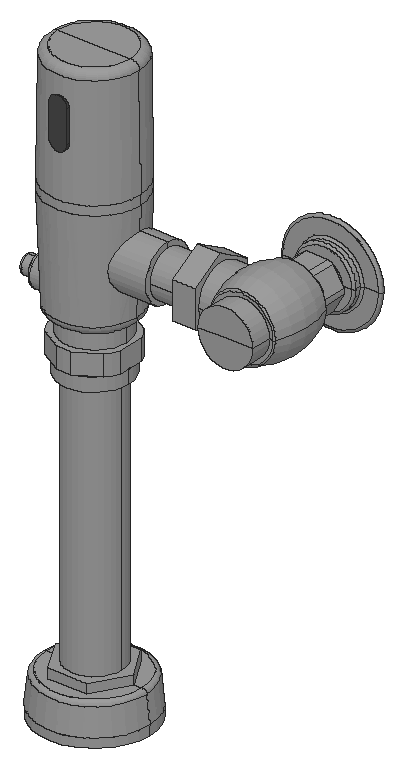
Revit family "Flush_Valve-Sensor-Zurn-Exposed-Water_Closet-ZTR6200", category Plumbing Fixtures, Revit 2015
Parameters (values of type "ZTR6200")
  Width-Stop_CL-COV = 0' - 4 3/4"
  Water Inlet Radius = 0' - 0 1/2"
  URL = "http://www.zurn.com/"
  Product data url = "https://bimobject.com/zurnindustries/product/zurn-ztr6200ev"
  Product Documentation Link = "http://www.zurn.com/Pages/ProductDetails.aspx?NodeKey=416205"
  Model = "ZTR6200"
  Manufacturer = "Zurn Industries, LLC."
  Height-Stop_CL-TOF = 0' - 11 1/2"
  Flush_Valve-Body_Material = Brass - Zurn - Polished Chrome
  Flush Rate = "1.28 gallons per flush-EV"
  Description = "Sensor Operated Flush Valve for Water Closets"
  Depth-Stop_CL-Wall = 0' - 2 1/4"
  Copyright © = "Copyright © Zurn Industries, LLC."
  Assembly Code = "C1030210"
  -HW Escutcheon & Stem = no
Reference planes (in)
  plane 1 "Center (Front/Back)": y = 0
  plane 2: z = 0
  plane 3 "Center (Left/Right)": x = 0
  plane 4: z = 11.5
  plane 5: x = 4.75
  plane 6: z = 8.39522
  plane 7: z = 1.34
  plane 8: x = 2
  plane 9: x = 2.82524
  plane 10: y = 2.25
  plane 11: y = 1.6715
  plane 12: z = 13.875
  plane 13: y = 1.125
Forms (in)
  Extrusion 1, solid, material "Brass - Zurn - Polished Chrome" <- "Flush_Valve-Body_Material", detail levels fine
    sketch origin (0, 0, 0) x (1, 0, 0) y (0, 1, 0)
      loop
        circle (0, 0) r 0.75
    from 1.34 to 8.39522
  Extrusion 2, solid, material "Brass - Zurn - Polished Chrome" <- "Flush_Valve-Body_Material", detail levels fine
    sketch origin (0, 0, 0) x (0, 1, 0) y (0, 0, 1)
      loop
        circle (0, 11.5) r 0.625
    from 2 to 2.82524
  Revolve 3, solid, material "Brass - Zurn - Polished Chrome" <- "Flush_Valve-Body_Material", detail levels fine
    sketch origin (4.75, 7.83304, 48) x (0, 1, 0) y (0, 0, 1)
      loop
        line (-6.16154, -36.5) -> (-5.58304, -36.5) -> (-5.58304, -36) -> (-6.16154, -36) -> (-6.16154, -36.5)
      axis (-6.16154, -36.5) -> (-5.58304, -36.5)
    angle from 0 to 360
  Extrusion 4, solid, material "Brass - Zurn - Polished Chrome" <- "Flush_Valve-Body_Material", visible <- "-HW Escutcheon & Stem", detail levels fine
    sketch origin (0, 0, 0) x (1, 0, 0) y (0, 0, 1)
      loop
        circle (0, 13.875) r 0.25
    from -1.125 to -2.25
Lines and regions (in)
  Masking region 1
    outline origin (0, 0, 0) x (1, 0, 0) y (0, 0, 1)
      loop
        line (-0.75, 8.39522) -> (-0.75, 1.34) -> (0.75, 1.34) -> (0.75, 8.39522) -> (-0.75, 8.39522)
  Masking region 2
    outline origin (0, 0, 0) x (1, 0, 0) y (0, 0, 1)
      loop
        line (2, 12.125) -> (2, 10.875) -> (2.82524, 10.875) -> (2.82524, 12.125) -> (2, 12.125)
  Masking region 3
    outline origin (0, 0, 0) x (0, 1, 0) y (0, 0, 1)
      loop
        line (-0.75, 8.39522) -> (-0.75, 1.34) -> (0.75, 1.34) -> (0.75, 8.39522) -> (-0.75, 8.39522)
  Masking region 4
    outline origin (0, 0, 0) x (1, 0, 0) y (0, 1, 0)
      loop
        line (2, 0.625) -> (2, -0.625) -> (2.82524, -0.625) -> (2.82524, 0.625) -> (2, 0.625)
  Masking region 5
    outline origin (0, 0, 0) x (1, 0, 0) y (0, 1, 0)
      loop
        line (4.25, 2.25) -> (4.25, 1.6715) -> (5.25, 1.6715) -> (5.25, 2.25) -> (4.25, 2.25)
  Masking region 6
    outline origin (0, 0, 0) x (0, 1, 0) y (0, 0, 1)
      loop
        line (1.6715, 12) -> (1.6715, 11) -> (2.25, 11) -> (2.25, 12) -> (1.6715, 12)
  Masking region 7, visible <- "-HW Escutcheon & Stem"
    outline origin (11.94871, -180, 13.875) x (0, -1, 0) y (1, 0, 0)
      loop
        line (-182.25, -12.19871) -> (-181.125, -12.19871) -> (-181.125, -11.69871) -> (-182.25, -11.69871) -> (-182.25, -12.19871)
  Masking region 8, visible <- "-HW Escutcheon & Stem"
    outline origin (0, 0, 0) x (0, 1, 0) y (0, 0, 1)
      loop
        line (1.125, 14.125) -> (1.125, 13.625) -> (2.25, 13.625) -> (2.25, 14.125) -> (1.125, 14.125)
  model lines, detail levels coarse+medium
    curve 1: line (2, 0, 12.125) -> (2.82524, 0, 12.125)
    curve 2: line (2, 0, 10.875) -> (2.82524, 0, 10.875)
    curve 3: line (-0.75, 0, 8.39522) -> (-0.75, 0, 1.34)
    curve 4: line (0.75, 0, 1.34) -> (0.75, 0, 8.39522)
    curve 5: line (0, -0.75, 8.39522) -> (0, -0.75, 1.34)
    curve 6: line (0, 0.75, 1.34) -> (0, 0.75, 8.39522)
    curve 7: line (2.82524, 0.625, 11.5) -> (2, 0.625, 11.5)
    curve 8: line (2, -0.625, 11.5) -> (2.82524, -0.625, 11.5)
    curve 9: line (4.25, 1.6715, 11.5) -> (4.25, 2.25, 11.5)
    curve 10: line (5.25, 2.25, 11.5) -> (5.25, 1.6715, 11.5)
    curve 11: line (4.75, 1.6715, 12) -> (4.75, 2.25, 12)
    curve 12: line (4.75, 1.6715, 11) -> (4.75, 2.25, 11)
  model lines, visible <- "-HW Escutcheon & Stem", detail levels coarse+medium
    curve 13: line (0, 2.25, 13.875) -> (0, 1.125, 13.875)
Dimensions and locks (in)
  "Width-Stop_CL-COV": plane 5 to plane 3 "Center (Left/Right)"  (x2)
  "Height-Stop_CL-TOF": plane 4 to plane 2
  Masking region 1 sketch curve to Masking region 1 sketch curve = 0' - 1 1/2"
  locked: plane 4 to plane 6 at 3.10478
  locked: plane 7 to level at 1.34
  locked: plane 9 to plane 5 at 1.92476
  locked: plane 8 to plane 3 "Center (Left/Right)" at 2
  equal spacing: curve 1, plane 4, curve 2, locked at 0.625 each
  equal spacing: Masking region 3 sketch curve, curve 4, Masking region 3 sketch curve, locked at 0.75 each
  equal spacing: Masking region 4 sketch curve, curve 1, Masking region 4 sketch curve, locked at 0.625 each
  locked: plane 1 "Center (Front/Back)" to plane 11 at 1.6715
  "Depth-Stop_CL-Wall": plane 10 to plane 1 "Center (Front/Back)"
  equal spacing: Masking region 5 sketch curve, plane 5, Masking region 5 sketch curve, locked at 0.5 each
  locked: Revolve 3 sketch curve to Revolve 3 sketch curve at 0.5
  equal spacing: Masking region 6 sketch curve, plane 4, Masking region 6 sketch curve, locked at 0.5 each
  locked: plane 12 to plane 4 at 2.375
  locked: plane 1 "Center (Front/Back)" to plane 13 at 1.125
  equal spacing: Masking region 7 sketch curve, plane 3 "Center (Left/Right)", Masking region 7 sketch curve, locked at 0.25 each
  equal spacing: Masking region 8 sketch curve, plane 12, Masking region 8 sketch curve, locked at 0.25 each
  radius of Extrusion 1 sketch curve = 0' - 0 3/4"
  radius of Extrusion 2 sketch curve = 0' - 0 5/8"
  radius of Extrusion 4 sketch curve = 0' - 0 1/4"
  aligned and locked: level to plane 2
  aligned and locked: plane 4 to nested 1
  aligned and locked: nested 1 to plane 1 "Center (Front/Back)"
  aligned and locked: plane 1 "Center (Front/Back)" to nested 2
  aligned and locked: plane 1 "Center (Front/Back)" to nested 3
  aligned and locked: plane 3 "Center (Left/Right)" to nested 3
  aligned and locked: nested 3 to level
  aligned and locked: nested 2 to plane 4
  aligned and locked: plane 5 to nested 2
  aligned and locked: plane 3 "Center (Left/Right)" to nested 1
  aligned and locked: plane 6 to Masking region 1
  aligned and locked: plane 7 to Masking region 1
  aligned and locked: curve 2 to plane 8
  aligned and locked: curve 1 to plane 8
  aligned and locked: curve 1 to plane 9
  aligned and locked: curve 2 to plane 9
  aligned and locked: Masking region 2 sketch curve to curve 1
  aligned and locked: Masking region 2 sketch curve to curve 2
  aligned and locked: plane 8 to Masking region 2 sketch curve
  aligned and locked: plane 9 to Masking region 2 sketch curve
  aligned and locked: curve 3 to Masking region 1
  aligned and locked: curve 4 to Masking region 1
  aligned and locked: plane 6 to curve 4
  aligned and locked: plane 6 to curve 3
  aligned and locked: plane 7 to curve 3
  aligned and locked: plane 7 to curve 4
  aligned and locked: Masking region 3 sketch curve to plane 6
  aligned and locked: Masking region 3 sketch curve to plane 7
  aligned and locked: curve 5 to Masking region 3
  aligned and locked: curve 6 to Masking region 3
  aligned and locked: plane 6 to curve 6
  aligned and locked: plane 6 to curve 5
  aligned and locked: plane 7 to curve 6
  aligned and locked: plane 7 to curve 5
  aligned and locked: plane 9 to Masking region 4 sketch curve
  aligned and locked: Masking region 4 sketch curve to plane 8
  aligned and locked: Masking region 4 to curve 7
  aligned and locked: Masking region 4 to curve 8
  aligned and locked: plane 9 to curve 8
  aligned and locked: plane 9 to curve 7
  aligned and locked: plane 8 to curve 7
  aligned and locked: plane 8 to curve 8
  aligned and locked: plane 1 "Center (Front/Back)" to Extrusion 1 sketch curve
  aligned and locked: plane 3 "Center (Left/Right)" to Extrusion 1 sketch curve
  aligned and locked: plane 6 to Extrusion 1
  aligned and locked: plane 7 to Extrusion 1
  aligned and locked: nested 1 to Extrusion 2 sketch curve
  aligned and locked: plane 4 to Extrusion 2 sketch curve
  aligned and locked: plane 9 to Extrusion 2
  aligned and locked: Extrusion 2 to plane 8
  aligned and locked: plane 11 to Masking region 5 sketch curve
  aligned and locked: Masking region 5 sketch curve to plane 10
  aligned and locked: Revolve 3 sketch curve to plane 4  (x2)
  aligned and locked: Revolve 3 sketch curve to plane 11
  aligned and locked: plane 10 to Revolve 3 sketch curve
  aligned and locked: plane 10 to curve 9
  aligned and locked: plane 10 to curve 10
  aligned and locked: plane 11 to curve 9
  aligned and locked: plane 11 to curve 10
  aligned and locked: curve 10 to Masking region 5
  aligned and locked: curve 9 to Masking region 5
  aligned and locked: plane 10 to curve 11
  aligned and locked: plane 11 to curve 11
  aligned and locked: plane 11 to curve 12
  aligned and locked: plane 10 to curve 12
  aligned and locked: Masking region 6 sketch curve to plane 10
  aligned and locked: plane 11 to Masking region 6 sketch curve
  aligned and locked: curve 11 to Masking region 6
  aligned and locked: curve 12 to Masking region 6
  aligned and locked: plane 4 to nested 4
  aligned and locked: nested 4 to plane 10
  aligned and locked: plane 5 to nested 4
  aligned and locked: plane 12 to nested 5
  aligned and locked: plane 3 "Center (Left/Right)" to nested 5
  aligned and locked: Extrusion 4 to plane 13
  aligned and locked: plane 10 to Extrusion 4
  aligned and locked: nested 5 to Extrusion 4 sketch curve  (x2)
  aligned and locked: nested 5 to plane 10
  aligned and locked: plane 10 to Masking region 7
  aligned and locked: Masking region 7 to plane 13
  aligned and locked: plane 13 to curve 13
  aligned and locked: plane 10 to curve 13
  aligned and locked: curve 13 to plane 12
  aligned and locked: Masking region 8 sketch curve to plane 10
  aligned and locked: Masking region 8 sketch curve to plane 13
Nested families (in)
  nested 1: "BODY-ZTR-ZURN-EXPOSED" at (0, 0, 8.87522), type "BODY-ZTR-ZURN-EXPOSED"
  nested 2: "Stop-1in-Zurn-VC" at (4.75, 0, 11.5), type "Stop-1in-Zurn-VC"
  nested 3: "Escutcheon-Closet-Zurn" at (0, 0, 0), type "Valve-Closet-Zurn-Standard-6200_Metro"
  nested 4: "Escutchen-Zurn-Stop" at (4.75, 2.25, 11.5), type "Escutchen-Zurn-Stop"
  nested 5: "Escutchen-Zurn-Stop" at (0, 2.25, 13.875), visible <- "-HW Escutcheon & Stem", type "Escutchen-Zurn-Stop"
Connectors (in)
  piping at (4.75, 2.25, 11.5), diameter 1, driven by "Water Inlet Radius"
    settings: on Revolve 3, index 1, connector inside diameter 1", connector length 0' - 0", flow factor 0, pipe flow 0 GPM, pressure drop 0.00 psi, fitting loss kfactor 0, connector angle 0.00°, fixture units 0, engagement length 0' - 0", angle of deflection 0.00°, flow configuration 0, flow direction 1, fitting loss method 0, system type 20, joint type 0, gender type 0, connector reference index -1, connector utility 0, adjustable connector no, is connector primary yes, connector description "SUPPLY TO VALVE"
Definition of nested family "BODY-ZTR-ZURN-EXPOSED"
  Parameters
    ZTR BODY = none
    CAP LENS MATERIAL = none
  Reference planes (in)
    plane 1 "Center (Front/Back)": y = 0
    plane 2: z = 0
    plane 3 "Center (Left/Right)": x = 0
  Forms (in)
    Revolve 1, solid, material <- "ZTR BODY", detail levels fine
      sketch origin (0, 0, 0) x (1, 0, 0) y (0, 0, 1)
        loop
          line (0, 7.5) -> (-0.99397, 7.5)
          arc (-0.99397, 7.5) -> (-1.14861, 7.43649) -> (-1.21396, 7.28261) r 0.22
          line (-1.21396, 7.28261) -> (-1.25, 4.25) -> (-1.25, 4) -> (-1.16188, 1.22848)
          arc (-1.16188, 1.22848) -> (-1.09104, 1.06721) -> (-0.92832, 0.99978) r 0.23622
          arc (-0.92832, 0.99978) -> (-0.89032, 0.98068) -> (-0.875, 0.941) r 0.05906
          line (-0.875, 0.941) -> (-0.875, 0.52) -> (-0.99, 0.52) -> (-0.99, -0.05) -> (-0.94, -0.1) -> (-0.94, -0.48) -> (0, -0.48) -> (0, 7.5)
        axis (0, 7.5) -> (0, -0.48)
      angle from 0 to 360
    Extrusion 2, solid, material <- "CAP LENS MATERIAL", detail levels fine
      sketch origin (0, 0, 0) x (1, 0, 0) y (0, 0, 1)
        loop
          arc (0.25, 6.5625) -> (0, 6.8125) -> (-0.25, 6.5625) r 0.25
          line (-0.25, 6.5625) -> (-0.25, 5.6875)
          arc (-0.25, 5.6875) -> (0, 5.4375) -> (0.25, 5.6875) r 0.25
          line (0.25, 5.6875) -> (0.25, 6.5625)
      from 0 to 1.25
    Revolve 3, solid, material <- "ZTR BODY", detail levels fine
      sketch origin (0, 0, 0) x (1, 0, 0) y (0, 0, 1)
        loop
          line (0, 1.5) -> (0, 1.9375) -> (-1.42124, 1.9375)
          arc (-1.42124, 1.9375) -> (-1.47789, 1.9135) -> (-1.50005, 1.8561) r 0.07886
          arc (-1.50005, 1.8561) -> (-1.52894, 1.78129) -> (-1.60277, 1.75) r 0.10277
          line (-1.60277, 1.75) -> (-1.79024, 1.75)
          arc (-1.79024, 1.75) -> (-1.85018, 1.72518) -> (-1.875, 1.66524) r 0.08476
          line (-1.875, 1.66524) -> (-1.875, 1.5) -> (0, 1.5)
        axis (-1.875, 1.5) -> (0, 1.5)
      angle from 0 to 360
    Extrusion 4, solid, material <- "ZTR BODY", detail levels fine
      sketch origin (0, 0, 0.52) x (0, 1, 0) y (-1, 0, 0)
        loop
          line (0.69024, -0.80447) -> (1.04181, -0.19553)
          arc (1.04181, -0.19553) -> (1.06, 0) -> (1.04181, 0.19553) r 1.06
          line (1.04181, 0.19553) -> (0.69024, 0.80447)
          arc (0.69024, 0.80447) -> (0.53, 0.91799) -> (0.35157, 1) r 1.06
          line (0.35157, 1) -> (-0.35157, 1)
          arc (-0.35157, 1) -> (-0.53, 0.91799) -> (-0.69024, 0.80447) r 1.06
          line (-0.69024, 0.80447) -> (-1.04181, 0.19553)
          arc (-1.04181, 0.19553) -> (-1.06, 0) -> (-1.04181, -0.19553) r 1.06
          line (-1.04181, -0.19553) -> (-0.69024, -0.80447)
          arc (-0.69024, -0.80447) -> (-0.53, -0.91799) -> (-0.35157, -1) r 1.06
          line (-0.35157, -1) -> (0.35157, -1)
          arc (0.35157, -1) -> (0.53, -0.91799) -> (0.69024, -0.80447) r 1.06
      from 0 to -0.57
    Revolve 5, solid, material <- "ZTR BODY", detail levels fine
      sketch origin (0, 0, 0) x (1, 0, 0) y (0, 0, 1)
        loop
          line (0, 2.62478) -> (2, 2.62478) -> (2, 3.37478) -> (0, 3.37478) -> (0, 2.62478)
        axis (0, 2.62478) -> (2, 2.62478)
      angle from 0 to 360
  Cuts and joins
    joined: Revolve 1, Revolve 3, Extrusion 4, Revolve 5
  Lines and regions (in)
    Masking region 1
      outline origin (0, 0, 0) x (1, 0, 0) y (0, 1, 0)
        loop
          line (1, -0.75) -> (2, -0.75) -> (2, 0.75) -> (1, 0.75)
          arc (1, 0.75) -> (-0.1782, 1.23723) -> (-1.17101, 0.4373) r 1.25
          line (-1.17101, 0.4373) -> (-1.4235, 0.4373)
          arc (-1.4235, 0.4373) -> (-1.47868, 0.41384) -> (-1.50007, 0.35783) r 0.07663
          arc (-1.50007, 0.35783) -> (-1.52903, 0.28201) -> (-1.60373, 0.25025) r 0.10373
          line (-1.60373, 0.25025) -> (-1.79229, 0.25025)
          arc (-1.79229, 0.25025) -> (-1.85078, 0.22603) -> (-1.875, 0.16755) r 0.08271
          line (-1.875, 0.16755) -> (-1.875, -0.16755)
          arc (-1.875, -0.16755) -> (-1.85078, -0.22603) -> (-1.79229, -0.25025) r 0.08271
          line (-1.79229, -0.25025) -> (-1.60373, -0.25025)
          arc (-1.60373, -0.25025) -> (-1.52903, -0.28201) -> (-1.50007, -0.35783) r 0.10373
          arc (-1.50007, -0.35783) -> (-1.47868, -0.41384) -> (-1.4235, -0.4373) r 0.07663
          line (-1.4235, -0.4373) -> (-1.17101, -0.4373)
          arc (-1.17101, -0.4373) -> (-0.1782, -1.23723) -> (1, -0.75) r 1.25
    Masking region 2
      outline origin (0, 0, 0) x (1, 0, 0) y (0, 0, 1)
        loop
          line (-1, 0.52) -> (-1, -0.05) -> (-0.94, -0.1) -> (-0.94, -0.48) -> (0.94, -0.48) -> (0.94, -0.1) -> (1, -0.05) -> (1, 0.52) -> (0.875, 0.52) -> (0.875, 0.99978) -> (0.92832, 0.99978)
          arc (0.92832, 0.99978) -> (1.09, 1.06523) -> (1.16062, 1.22472) r 0.23242
          line (1.16062, 1.22472) -> (1.18155, 1.87478) -> (2, 1.87478) -> (2, 3.37478) -> (1.22986, 3.37478) -> (1.25, 4) -> (1.25, 4.25) -> (1.21313, 7.28091)
          arc (1.21313, 7.28091) -> (1.1488, 7.43623) -> (0.99347, 7.50057) r 0.21966
          line (0.99347, 7.50057) -> (-0.99347, 7.50057)
          arc (-0.99347, 7.50057) -> (-1.1488, 7.43623) -> (-1.21313, 7.28091) r 0.21966
          line (-1.21313, 7.28091) -> (-1.25, 4.25) -> (-1.25, 4) -> (-1.18361, 1.9386) -> (-1.41632, 1.9386)
          arc (-1.41632, 1.9386) -> (-1.47627, 1.91333) -> (-1.50003, 1.85277) r 0.08374
          arc (-1.50003, 1.85277) -> (-1.52787, 1.78183) -> (-1.59809, 1.75223) r 0.09809
          line (-1.59809, 1.75223) -> (-1.78977, 1.75223)
          arc (-1.78977, 1.75223) -> (-1.85004, 1.72727) -> (-1.875, 1.667) r 0.08523
          line (-1.875, 1.667) -> (-1.875, 1.33657)
          arc (-1.875, 1.33657) -> (-1.85004, 1.2763) -> (-1.78977, 1.25134) r 0.08523
          line (-1.78977, 1.25134) -> (-1.59809, 1.25134)
          arc (-1.59809, 1.25134) -> (-1.52787, 1.22174) -> (-1.50003, 1.1508) r 0.09809
          arc (-1.50003, 1.1508) -> (-1.47627, 1.09024) -> (-1.41632, 1.06497) r 0.08374
          line (-1.41632, 1.06497) -> (-1.08972, 1.06497)
          arc (-1.08972, 1.06497) -> (-1.01535, 1.01669) -> (-0.92832, 0.99978) r 0.23242
          line (-0.92832, 0.99978) -> (-0.875, 0.99978) -> (-0.875, 0.52) -> (-1, 0.52)
    Masking region 3
      outline origin (0, 0, 0) x (0, 1, 0) y (0, 0, 1)
        loop
          line (-1.06, 0.52) -> (-1.06, -0.05) -> (-0.94, -0.05) -> (-0.94, -0.48) -> (0.94, -0.48) -> (0.94, -0.05) -> (1.06, -0.05) -> (1.06, 0.52) -> (0.87438, 0.52) -> (0.87438, 0.99978) -> (0.91913, 0.99978)
          arc (0.91913, 0.99978) -> (1.08962, 1.06884) -> (1.16398, 1.23709) r 0.24496
          line (1.16398, 1.23709) -> (1.25032, 3.99974) -> (1.25032, 4.24974) -> (1.21467, 7.25525)
          arc (1.21467, 7.25525) -> (1.14041, 7.43011) -> (0.96468, 7.50229) r 0.25
          line (0.96468, 7.50229) -> (-0.96468, 7.50229)
          arc (-0.96468, 7.50229) -> (-1.14041, 7.43011) -> (-1.21467, 7.25525) r 0.25
          line (-1.21467, 7.25525) -> (-1.25032, 4.24974) -> (-1.25032, 3.99974) -> (-1.16398, 1.23709)
          arc (-1.16398, 1.23709) -> (-1.08962, 1.06884) -> (-0.91913, 0.99978) r 0.24496
          line (-0.91913, 0.99978) -> (-0.87438, 0.99978) -> (-0.87438, 0.52) -> (-1.06, 0.52)
    symbolic lines, detail levels medium+fine
      curve 1: arc (-1.17101, -0.4373, 0) -> (-1.25, 0, 0) -> (-1.17101, 0.4373, 0) r 1.25
      curve 14: line (1.25, 0, 4.25) -> (-1.25, 0, 4.25)
      curve 15: line (-1.59809, 0, 1.75382) -> (-1.59809, 0, 1.2473)
      curve 17: line (0.94, 0, -0.1) -> (-0.94, 0, -0.1)
      curve 18: arc (1, 0.75, 0) -> (1.25, 0, 0) -> (1, -0.75, 0) r 1.25
      curve 19: line (2, 0.75, 0) -> (2, -0.62776, 0)
      curve 22: line (0, -1.06, 0.52) -> (0, 1.06, 0.52)
      curve 23: line (0, -0.94, -0.05) -> (0, 0.94, -0.05)
    symbolic lines, detail levels fine
      curve 2: line (-1.60373, 0.25025, 0) -> (-1.60373, -0.25025, 0)
      curve 3: line (-1.50007, 0.35783, 0) -> (-1.50007, -0.35783, 0)
      curve 12: line (-1, 0, -0.05) -> (1, 0, -0.05)
      curve 13: line (1.25, 0, 4) -> (-1.25, 0, 4)
      curve 16: line (-1.50003, 0, 1.85277) -> (-1.50003, 0, 1.1508)
      curve 20: line (1.18243, 0, 1.87478) -> (1.23012, 0, 3.37478)
      curve 21: line (2, 0, 3.37478) -> (2, 0, 1.87478)
      curve 24: line (0, -1.25, 4.25) -> (0, 1.25, 4.25)
      curve 25: line (0, -1.25032, 3.99974) -> (0, 1.25032, 3.99974)
    symbolic lines
      curve 4: arc (0.25, 0, 6.5625) -> (0, 0, 6.8125) -> (-0.25, 0, 6.5625) r 0.25
      curve 5: line (-0.25, 0, 6.5625) -> (-0.25, 0, 5.6875)
      curve 6: arc (-0.25, 0, 5.6875) -> (0, 0, 5.4375) -> (0.25, 0, 5.6875) r 0.25
      curve 7: line (0.25, 0, 5.6875) -> (0.25, 0, 6.5625)
      curve 8: line (0.92991, 0, 0.99978) -> (-0.94489, 0, 0.99978)
      curve 9: line (-1.11008, 0, 1.22848) -> (-1.18442, 0, 1.9375)
      curve 10: line (-1.08439, 0, 1.05072) -> (-1.11008, 0, 1.22848)
      curve 11: line (-1, 0, 0.52) -> (1, 0, 0.52)
    model lines, detail levels coarse+medium
      curve 26: line (-1.25, 0, 4.25) -> (-1.21402, 0, 7.28256)
      curve 27: line (0.99189, 0, 7.50208) -> (-0.99189, 0, 7.50208)
      curve 28: arc (-1.21402, 0, 7.28256) -> (-1.14804, 0, 7.43794) -> (-0.99189, 0, 7.50208) r 0.22215
      curve 29: line (-1.25, 0, 4.25) -> (-1.25, 0, 4)
      curve 30: line (-1.25, 0, 4) -> (-1.18442, 0, 1.9375)
      curve 31: line (-1.18442, 0, 1.9375) -> (-1.5022, 0, 1.9375)
      curve 32: line (-1.5022, 0, 1.9375) -> (-1.5022, 0, 1.75382)
      curve 33: line (-1.5022, 0, 1.75382) -> (-1.87499, 0, 1.75382)
      curve 34: line (-1.87499, 0, 1.75382) -> (-1.87499, 0, 1.2473)
      curve 35: line (-1.87499, 0, 1.2473) -> (-1.5022, 0, 1.2473)
      curve 36: line (-1.5022, 0, 1.2473) -> (-1.5022, 0, 1.06279)
      curve 37: line (-1.5022, 0, 1.06279) -> (-1.09757, 0, 1.06279)
      curve 38: line (-0.875, 0, 0.52) -> (-0.875, 0, 0.99978)
      curve 39: line (-0.875, 0, 0.52) -> (-1, 0, 0.52)
      curve 40: line (-1, 0, 0.52) -> (-1, 0, -0.05)
      curve 41: line (-1, 0, -0.05) -> (-0.94, 0, -0.1)
      curve 42: line (-0.94, 0, -0.1) -> (-0.94, 0, -0.48)
      curve 43: line (-0.94, 0, -0.48) -> (0.94, 0, -0.48)
      curve 44: line (0.875, 0, 0.52) -> (0.875, 0, 0.99978)
      curve 45: line (0.875, 0, 0.52) -> (1, 0, 0.52)
      curve 46: line (1, 0, 0.52) -> (1, 0, -0.05)
      curve 47: line (1, 0, -0.05) -> (0.94, 0, -0.1)
      curve 48: line (0.94, 0, -0.1) -> (0.94, 0, -0.48)
      curve 49: line (1.25, 0, 4) -> (1.23012, 0, 3.37478)
      curve 50: line (0.875, 0, 0.99978) -> (0.92991, 0, 0.99978)
      curve 51: arc (-1.09757, 0, 1.06279) -> (-1.02747, 0, 1.01615) -> (-0.94489, 0, 0.99978) r 0.21649
      curve 52: arc (0.92991, 0, 0.99978) -> (1.0913, 0, 1.06513) -> (1.16174, 0, 1.22436) r 0.23195
      curve 53: line (-0.94489, 0, 0.99978) -> (-0.875, 0, 0.99978)
      curve 54: line (1.18243, 0, 1.87478) -> (2, 0, 1.87478)
      curve 55: line (2, 0, 1.87478) -> (2, 0, 1.99978)
      curve 56: line (2, 0, 3.24978) -> (2, 0, 3.37478)
      curve 57: line (2, 0, 3.37478) -> (1.23012, 0, 3.37478)
      curve 58: line (1.18243, 0, 1.87478) -> (1.16174, 0, 1.22436)
      curve 59: line (1.25, 0, 4.25) -> (1.21402, 0, 7.28256)
      curve 60: arc (1.21402, 0, 7.28256) -> (1.14804, 0, 7.43794) -> (0.99189, 0, 7.50208) r 0.22215
      curve 61: line (1.25, 0, 4.25) -> (1.25, 0, 4)
      curve 62: circle (0, 0, 7.50208) r 1.25 normal (0, 0, 1)
      curve 65: circle (0, 0, -0.48) r 0.94 normal (0, 0, 1)
      curve 103: line (0.25, -1.25, 5.6875) -> (0.25, -1.25, 6.5625)
      curve 104: line (-0.25, -1.25, 6.5625) -> (-0.25, -1.25, 5.6875)
      curve 105: arc (0.25, -1.25, 6.5625) -> (0, -1.25, 6.8125) -> (-0.25, -1.25, 6.5625) r 0.25
      curve 106: arc (-0.25, -1.25, 5.6875) -> (0, -1.25, 5.4375) -> (0.25, -1.25, 5.6875) r 0.25
      curve 138: line (0, 0.99189, 7.50208) -> (0, -0.99189, 7.50208)
      curve 139: line (0, -0.875, 0.52) -> (0, -0.875, 0.99978)
      curve 140: line (0, -0.875, 0.52) -> (0, -1, 0.52)
      curve 141: line (0, -1, 0.52) -> (0, -1, -0.05)
      curve 142: line (0, -1, -0.05) -> (0, -0.94, -0.1)
      curve 143: line (0, -0.94, -0.1) -> (0, -0.94, -0.48)
      curve 144: line (0, -0.94, -0.48) -> (0, 0.94, -0.48)
      curve 145: line (0, 0.875, 0.52) -> (0, 0.875, 0.99978)
      curve 146: line (0, 0.875, 0.52) -> (0, 1, 0.52)
      curve 147: line (0, 1, 0.52) -> (0, 1, -0.05)
      curve 148: line (0, 1, -0.05) -> (0, 0.94, -0.1)
      curve 149: line (0, 0.94, -0.1) -> (0, 0.94, -0.48)
      curve 150: line (0, 1.25, 4) -> (0, 1.20721, 2.6544)
      curve 151: line (0, 0.875, 0.99978) -> (0, 0.92991, 0.99978)
      curve 152: arc (0, 0.92991, 0.99978) -> (0, 1.0913, 1.06513) -> (0, 1.16174, 1.22436) r 0.23195
      curve 153: line (0, 1.20721, 2.6544) -> (0, 1.16174, 1.22436)
      curve 154: line (0, 1.25, 4.25) -> (0, 1.21402, 7.28256)
      curve 155: arc (0, 1.21402, 7.28256) -> (0, 1.14804, 7.43794) -> (0, 0.99189, 7.50208) r 0.22215
      curve 156: line (0, 1.25, 4.25) -> (0, 1.25, 4)
      curve 157: line (0, -1.25, 4) -> (0, -1.20721, 2.6544)
      curve 158: line (0, -0.875, 0.99978) -> (0, -0.92991, 0.99978)
      curve 159: arc (0, -0.92991, 0.99978) -> (0, -1.0913, 1.06513) -> (0, -1.16174, 1.22436) r 0.23195
      curve 160: line (0, -1.20721, 2.6544) -> (0, -1.16174, 1.22436)
      curve 161: line (0, -1.25, 4.25) -> (0, -1.21402, 7.28256)
      curve 162: arc (0, -1.21402, 7.28256) -> (0, -1.14804, 7.43794) -> (0, -0.99189, 7.50208) r 0.22215
      curve 163: line (0, -1.25, 4.25) -> (0, -1.25, 4)
    model lines, detail levels medium
      curve 63: circle (0, 0, 4.25) r 1.25 normal (0, 0, 1)
      curve 64: circle (0, 0, 4) r 1.25 normal (0, 0, 1)
      curve 66: circle (0, 0, 0.52) r 1 normal (0, 0, 1)
      curve 107: circle (-1.87499, 0, 1.50056) r 0.25 normal (1, 0, 0)
      curve 108: circle (-1.5022, 0, 1.50056) r 0.43777 normal (1, 0, 0)
      curve 109: circle (-1.17053, 0, 1.50056) r 0.43777 normal (1, 0, 0)
      curve 110: circle (2, 0, 2.62478) r 0.75 normal (1, 0, 0)
      curve 111: circle (1.20627, 0, 2.62478) r 0.75 normal (1, 0, 0)
    model lines, not visible, detail levels coarse+medium
      curve 67: line (-1.25, 0, 4.25) -> (-1.21402, 0, 7.28256)
      curve 68: line (0.99189, 0, 7.50208) -> (-0.99189, 0, 7.50208)
      curve 69: arc (-1.21402, 0, 7.28256) -> (-1.14804, 0, 7.43794) -> (-0.99189, 0, 7.50208) r 0.22215
      curve 70: line (-1.25, 0, 4.25) -> (-1.25, 0, 4)
      curve 71: line (-1.25, 0, 4) -> (-1.18442, 0, 1.9375)
      curve 72: line (-1.18442, 0, 1.9375) -> (-1.5022, 0, 1.9375)
      curve 73: line (-1.5022, 0, 1.9375) -> (-1.5022, 0, 1.75382)
      curve 74: line (-1.5022, 0, 1.75382) -> (-1.87499, 0, 1.75382)
      curve 75: line (-1.87499, 0, 1.75382) -> (-1.87499, 0, 1.2473)
      curve 76: line (-1.87499, 0, 1.2473) -> (-1.5022, 0, 1.2473)
      curve 77: line (-1.5022, 0, 1.2473) -> (-1.5022, 0, 1.06279)
      curve 78: line (-1.5022, 0, 1.06279) -> (-1.09757, 0, 1.06279)
      curve 79: line (-0.875, 0, 0.52) -> (-0.875, 0, 0.99978)
      curve 80: line (-0.875, 0, 0.52) -> (-1, 0, 0.52)
      curve 81: line (-1, 0, 0.52) -> (-1, 0, -0.05)
      curve 82: line (-1, 0, -0.05) -> (-0.94, 0, -0.1)
      curve 83: line (-0.94, 0, -0.1) -> (-0.94, 0, -0.48)
      curve 84: line (-0.94, 0, -0.48) -> (0.94, 0, -0.48)
      curve 85: line (0.875, 0, 0.52) -> (0.875, 0, 0.99978)
      curve 86: line (0.875, 0, 0.52) -> (1, 0, 0.52)
      curve 87: line (1, 0, 0.52) -> (1, 0, -0.05)
      curve 88: line (1, 0, -0.05) -> (0.94, 0, -0.1)
      curve 89: line (0.94, 0, -0.1) -> (0.94, 0, -0.48)
      curve 90: line (1.25, 0, 4) -> (1.23012, 0, 3.37478)
      curve 91: line (0.875, 0, 0.99978) -> (0.92991, 0, 0.99978)
      curve 92: arc (-1.09757, 0, 1.06279) -> (-1.02747, 0, 1.01615) -> (-0.94489, 0, 0.99978) r 0.21649
      curve 93: arc (0.92991, 0, 0.99978) -> (1.0913, 0, 1.06513) -> (1.16174, 0, 1.22436) r 0.23195
      curve 94: line (-0.94489, 0, 0.99978) -> (-0.875, 0, 0.99978)
      curve 95: line (1.18243, 0, 1.87478) -> (2, 0, 1.87478)
      curve 96: line (2, 0, 1.87478) -> (2, 0, 1.99978)
      curve 97: line (2, 0, 3.24978) -> (2, 0, 3.37478)
      curve 98: line (2, 0, 3.37478) -> (1.23012, 0, 3.37478)
      curve 99: line (1.18243, 0, 1.87478) -> (1.16174, 0, 1.22436)
      curve 100: line (1.25, 0, 4.25) -> (1.21402, 0, 7.28256)
      curve 101: arc (1.21402, 0, 7.28256) -> (1.14804, 0, 7.43794) -> (0.99189, 0, 7.50208) r 0.22215
      curve 102: line (1.25, 0, 4.25) -> (1.25, 0, 4)
      curve 112: line (0.62501, 23.11688, 7.50208) -> (0.62501, 21.13311, 7.50208)
      curve 113: line (0.62501, 21.24999, 0.52) -> (0.62501, 21.24999, 0.99978)
      curve 114: line (0.62501, 21.24999, 0.52) -> (0.62501, 21.12499, 0.52)
      curve 115: line (0.62501, 21.12499, 0.52) -> (0.62501, 21.12499, -0.05)
      curve 116: line (0.62501, 21.12499, -0.05) -> (0.62501, 21.18499, -0.1)
      curve 117: line (0.62501, 21.18499, -0.1) -> (0.62501, 21.18499, -0.48)
      curve 118: line (0.62501, 21.18499, -0.48) -> (0.62501, 23.06499, -0.48)
      curve 119: line (0.62501, 22.99999, 0.52) -> (0.62501, 22.99999, 0.99978)
      curve 120: line (0.62501, 22.99999, 0.52) -> (0.62501, 23.12499, 0.52)
      curve 121: line (0.62501, 23.12499, 0.52) -> (0.62501, 23.12499, -0.05)
      curve 122: line (0.62501, 23.12499, -0.05) -> (0.62501, 23.06499, -0.1)
      curve 123: line (0.62501, 23.06499, -0.1) -> (0.62501, 23.06499, -0.48)
      curve 124: line (0.62501, 23.37499, 4) -> (0.62501, 23.33221, 2.6544)
      curve 125: line (0.62501, 22.99999, 0.99978) -> (0.62501, 23.05491, 0.99978)
      curve 126: arc (0.62501, 23.05491, 0.99978) -> (0.62501, 23.21629, 1.06513) -> (0.62501, 23.28674, 1.22436) r 0.23195
      curve 127: line (0.62501, 23.33221, 2.6544) -> (0.62501, 23.28674, 1.22436)
      curve 128: line (0.62501, 23.37499, 4.25) -> (0.62501, 23.33902, 7.28256)
      curve 129: arc (0.62501, 23.33902, 7.28256) -> (0.62501, 23.27303, 7.43794) -> (0.62501, 23.11688, 7.50208) r 0.22215
      curve 130: line (0.62501, 23.37499, 4.25) -> (0.62501, 23.37499, 4)
      curve 131: line (0.62501, 20.87499, 4) -> (0.62501, 20.91778, 2.6544)
      curve 132: line (0.62501, 21.24999, 0.99978) -> (0.62501, 21.19508, 0.99978)
      curve 133: arc (0.62501, 21.19508, 0.99978) -> (0.62501, 21.0337, 1.06513) -> (0.62501, 20.96325, 1.22436) r 0.23195
      curve 134: line (0.62501, 20.91778, 2.6544) -> (0.62501, 20.96325, 1.22436)
      curve 135: line (0.62501, 20.87499, 4.25) -> (0.62501, 20.91097, 7.28256)
      curve 136: arc (0.62501, 20.91097, 7.28256) -> (0.62501, 20.97695, 7.43794) -> (0.62501, 21.13311, 7.50208) r 0.22215
      curve 137: line (0.62501, 20.87499, 4.25) -> (0.62501, 20.87499, 4)
    model lines
      curve 164: line (2, 0, 2.62478) -> (0, 0, 2.62478)
      curve 165: line (0, 0, -0.48) -> (0, 0, 2.62478)
  Dimensions and locks (in)
    locked: Revolve 1 sketch curve to Revolve 1 sketch curve at 1.25
    locked: Revolve 1 sketch curve to Revolve 1 sketch curve at 0.25
    locked: Extrusion 2 sketch curve to Extrusion 2 sketch curve at 0.875
    locked: Extrusion 2 sketch curve to Extrusion 2 sketch curve at 0.5
    locked: plane 3 "Center (Left/Right)" to Extrusion 2 sketch curve at 0.25
    locked: Extrusion 2 sketch curve to plane 3 "Center (Left/Right)" at 0.25
    locked: Revolve 3 sketch curve to level at 1.5
    locked: Revolve 3 sketch curve to Revolve 3 sketch curve at 0.4375
    locked: plane 3 "Center (Left/Right)" to Revolve 3 sketch curve at 1.875
    locked: Revolve 3 sketch curve to Revolve 3 sketch curve at 1.50005
    locked: Extrusion 4 sketch curve to Extrusion 4 sketch curve at 2  (x3)
    locked: Revolve 1 sketch curve to Revolve 1 sketch curve at 1
    curve 8 to Revolve 5 sketch curve to Revolve 5 sketch curve = 0' - 1 5/8" locked, 0' - 0 3/4" locked
    locked: Revolve 5 sketch curve to Revolve 5 sketch curve at 2
    radius of Extrusion 4 sketch curve = 0' - 1.06"  (x6)
    aligned and locked: level to plane 2
    aligned and locked: plane 3 "Center (Left/Right)" to Revolve 1 sketch curve
    aligned and locked: Revolve 1 sketch curve to plane 3 "Center (Left/Right)"
    aligned and locked: Extrusion 2 to plane 1 "Center (Front/Back)"
    aligned and locked: plane 3 "Center (Left/Right)" to Revolve 3 sketch curve
    aligned and locked: cut or joined group of Revolve 1, Revolve 3, Extrusion 4, Revolve 5 to cut or joined group of Revolve 1, Revolve 3, Extrusion 4, Revolve 5  (x2)
    aligned and locked: Revolve 5 to plane 3 "Center (Left/Right)"
Definition of nested family "Stop-1in-Zurn-VC"
  Parameters
    Stop Body Finish = none
    Assembly Code = ""
  Reference planes (in)
    plane 1 "Center (Front/Back)": y = 0
    plane 2: z = 0
    plane 3 "Center (Left/Right)": x = 0
  Forms (in)
    Revolve 1, solid, material <- "Stop Body Finish", detail levels fine
      sketch origin (5.11008, 2.28141, 0) x (-1, 0, 0) y (0, -1, 0)
        loop
          line (4.36008, 3.18991) -> (4.25498, 3.18991)
          arc (4.25498, 3.18991) -> (4.22986, 3.18245) -> (4.21289, 3.16248) r 0.046
          arc (4.21289, 3.16248) -> (4.03022, 2.31942) -> (4.19363, 1.47241) r 2.15
          line (4.19363, 1.47241) -> (4.27508, 1.47241)
          arc (4.27508, 1.47241) -> (4.36347, 1.4358) -> (4.40008, 1.34741) r 0.125
          line (4.40008, 1.34741) -> (4.40008, 1.29134) -> (4.46008, 1.18741) -> (5.11008, 1.18741) -> (5.11008, 3.74391) -> (4.36008, 3.74391) -> (4.36008, 3.18991)
        axis (5.11008, 3.74391) -> (5.11008, 1.18741)
      angle from 0 to 360
    Revolve 2, solid, material <- "Stop Body Finish", detail levels fine
      sketch origin (5.11008, 2.29491, 0) x (-1, 0, 0) y (0, -1, 0)
        loop
          line (6.40484, 2.29491) -> (6.40484, 3.07741) -> (4.98008, 3.07741) -> (4.98008, 2.29491) -> (6.40484, 2.29491)
        axis (4.98008, 2.29491) -> (6.40484, 2.29491)
      angle from 0 to 360
    Extrusion 3, solid, material <- "Stop Body Finish", detail levels fine
      sketch origin (0, 0.96642, 0) x (1, 0, 0) y (0, 0, -1)
        loop
          line (-0.70575, -0.07761) -> (-0.42009, -0.57239)
          arc (-0.42009, -0.57239) -> (-0.355, -0.61488) -> (-0.28566, -0.65) r 0.71
          line (-0.28566, -0.65) -> (0.28566, -0.65)
          arc (0.28566, -0.65) -> (0.355, -0.61488) -> (0.42009, -0.57239) r 0.71
          line (0.42009, -0.57239) -> (0.70575, -0.07761)
          arc (0.70575, -0.07761) -> (0.71, 0) -> (0.70575, 0.07761) r 0.71
          line (0.70575, 0.07761) -> (0.42009, 0.57239)
          arc (0.42009, 0.57239) -> (0.355, 0.61488) -> (0.28566, 0.65) r 0.71
          line (0.28566, 0.65) -> (-0.28566, 0.65)
          arc (-0.28566, 0.65) -> (-0.355, 0.61488) -> (-0.42009, 0.57239) r 0.71
          line (-0.42009, 0.57239) -> (-0.70575, 0.07761)
          arc (-0.70575, 0.07761) -> (-0.71, 0) -> (-0.70575, -0.07761) r 0.71
      from 0 to 0.70508
    Extrusion 4, solid, material <- "Stop Body Finish", detail levels fine
      sketch origin (-1.29476, 0, 0) x (0, 0, -1) y (0, -1, 0)
        loop
          line (-0.50085, 0.8675) -> (-1.0017, 0) -> (-0.50085, -0.8675) -> (0.50085, -0.8675) -> (1.0017, 0) -> (0.50085, 0.8675) -> (-0.50085, 0.8675)
      from 0 to 0.63
  Cuts and joins
    joined: Revolve 1, Revolve 2, Extrusion 3, Extrusion 4
  Lines and regions (in)
    Masking region 1, not visible, detail levels medium+fine
      outline origin (7.75, 0, 0) x (1, 0, 0) y (0, 1, 0)
        loop
          line (-0.75, -1.4625) -> (0, -1.4625) -> (0.75, -1.4625) -> (0.75, -0.9085) -> (0.85907, -0.9085)
          arc (0.85907, -0.9085) -> (0.8818, -0.90011) -> (0.89697, -0.88121) r 0.04533
          arc (0.89697, -0.88121) -> (0.91737, -0.8321) -> (0.93657, -0.7825) r 2.20067
          line (0.93657, -0.7825) -> (1.29476, -0.7825) -> (1.29476, -0.8976) -> (1.80976, -0.8976) -> (1.80976, -0.7825) -> (1.84197, -0.7825) -> (1.84197, -0.86539) -> (2.16622, -0.86539) -> (2.16622, 0.86539) -> (1.84197, 0.86539) -> (1.84197, 0.7825) -> (1.80976, 0.7825) -> (1.80976, 0.8976) -> (1.29476, 0.8976) -> (1.29476, 0.7825) -> (0.92692, 0.7825) -> (0.89447, 0.809) -> (0.83172, 0.809)
          arc (0.83172, 0.809) -> (0.74565, 0.84465) -> (0.71, 0.93072) r 0.12172
          line (0.71, 0.93072) -> (0.71, 1.6715) -> (0, 1.6715) -> (-0.71, 1.6715) -> (-0.71, 0.93072)
          arc (-0.71, 0.93072) -> (-0.74565, 0.84465) -> (-0.83172, 0.809) r 0.12172
          line (-0.83172, 0.809) -> (-0.91645, 0.809)
          arc (-0.91645, 0.809) -> (-1.07546, -0.03805) -> (-0.89697, -0.88121) r 2.20067
          arc (-0.89697, -0.88121) -> (-0.8818, -0.90011) -> (-0.85907, -0.9085) r 0.04533
          line (-0.85907, -0.9085) -> (-0.75, -0.9085) -> (-0.75, -1.4625)
    Masking region 2, not visible, detail levels medium+fine
      outline origin (0, 7.5, 0) x (0, 1, 0) y (0, 0, 1)
        loop
          line (-1.4625, 0) -> (-1.4625, -0.75) -> (-0.9085, -0.75) -> (-0.9085, -0.85477)
          arc (-0.9085, -0.85477) -> (-0.90085, -0.8805) -> (-0.88039, -0.89787) r 0.04709
          arc (-0.88039, -0.89787) -> (-0.0376, -1.08012) -> (0.809, -0.91645) r 2.14924
          line (0.809, -0.91645) -> (0.809, -0.83301)
          arc (0.809, -0.83301) -> (0.84503, -0.74603) -> (0.93201, -0.71) r 0.12301
          line (0.93201, -0.71) -> (0.99008, -0.71) -> (1.094, -0.65) -> (1.6715, -0.65) -> (1.6715, 0) -> (1.6715, 0.65) -> (1.094, 0.65) -> (0.99008, 0.71) -> (0.93201, 0.71)
          arc (0.93201, 0.71) -> (0.84503, 0.74603) -> (0.809, 0.83301) r 0.12301
          line (0.809, 0.83301) -> (0.809, 0.91645)
          arc (0.809, 0.91645) -> (-0.0376, 1.08012) -> (-0.88039, 0.89787) r 2.14924
          arc (-0.88039, 0.89787) -> (-0.90085, 0.8805) -> (-0.9085, 0.85477) r 0.04709
          line (-0.9085, 0.85477) -> (-0.9085, 0.75) -> (-1.4625, 0.75) -> (-1.4625, 0)
    Masking region 3
      outline origin (0, 0, 0) x (0, 1, 0) y (0, 0, 1)
        loop
          line (-1.4625, 0) -> (-1.4625, -0.75) -> (-0.9085, -0.75) -> (-0.9085, -0.85477)
          arc (-0.9085, -0.85477) -> (-0.90085, -0.8805) -> (-0.88039, -0.89787) r 0.04709
          arc (-0.88039, -0.89787) -> (-0.0376, -1.08012) -> (0.809, -0.91645) r 2.14924
          line (0.809, -0.91645) -> (0.809, -0.83301)
          arc (0.809, -0.83301) -> (0.84503, -0.74603) -> (0.93201, -0.71) r 0.12301
          line (0.93201, -0.71) -> (0.99008, -0.71) -> (1.094, -0.65) -> (1.6715, -0.65) -> (1.6715, 0) -> (1.6715, 0.65) -> (1.094, 0.65) -> (0.99008, 0.71) -> (0.93201, 0.71)
          arc (0.93201, 0.71) -> (0.84503, 0.74603) -> (0.809, 0.83301) r 0.12301
          line (0.809, 0.83301) -> (0.809, 0.91645)
          arc (0.809, 0.91645) -> (-0.0376, 1.08012) -> (-0.88039, 0.89787) r 2.14924
          arc (-0.88039, 0.89787) -> (-0.90085, 0.8805) -> (-0.9085, 0.85477) r 0.04709
          line (-0.9085, 0.85477) -> (-0.9085, 0.75) -> (-1.4625, 0.75) -> (-1.4625, 0)
    Masking region 4, not visible
      outline origin (10.04818, 0, 0) x (1, 0, 0) y (0, 0, 1)
        loop
          arc (0.74355, 0.7825) -> (-1.07943, 0) -> (0.74355, -0.7825) r 1.07943
          line (0.74355, -0.7825) -> (1.29476, -0.7825) -> (1.29476, -0.95128) -> (1.80976, -0.95128) -> (1.80976, 0.95128) -> (1.29476, 0.95128) -> (1.29476, 0.7825) -> (0.74355, 0.7825)
    Masking region 5
      outline origin (0, 0, 0) x (-1, 0, 0) y (0, 0, -1)
        loop
          arc (0.74355, 0.7825) -> (-1.07943, 0) -> (0.74355, -0.7825) r 1.07943
          line (0.74355, -0.7825) -> (1.29476, -0.7825) -> (1.29476, -1.0017) -> (1.92476, -1.0017) -> (1.92476, 1.0017) -> (1.29476, 1.0017) -> (1.29476, 0.7825) -> (0.74355, 0.7825)
    Masking region 6
      outline origin (0, 0, 0) x (-1, 0, 0) y (0, -1, 0)
        loop
          line (-0.75, 1.4625) -> (-0.75, 0.9085) -> (-0.85907, 0.9085)
          arc (-0.85907, 0.9085) -> (-0.8818, 0.90011) -> (-0.89697, 0.88121) r 0.04533
          arc (-0.89697, 0.88121) -> (-1.07546, 0.03805) -> (-0.91645, -0.809) r 2.20067
          line (-0.91645, -0.809) -> (-0.83172, -0.809)
          arc (-0.83172, -0.809) -> (-0.74565, -0.84465) -> (-0.71, -0.93072) r 0.12172
          line (-0.71, -0.93072) -> (-0.71, -1.6715) -> (0, -1.6715) -> (0.71, -1.6715) -> (0.71, -0.93072)
          arc (0.71, -0.93072) -> (0.74565, -0.84465) -> (0.83172, -0.809) r 0.12172
          line (0.83172, -0.809) -> (0.89447, -0.809) -> (0.92692, -0.7825) -> (1.29476, -0.7825) -> (1.29476, -0.8675) -> (1.92476, -0.8675) -> (1.92476, 0.8675) -> (1.29476, 0.8675) -> (1.29476, 0.7825) -> (0.93657, 0.7825)
          arc (0.93657, 0.7825) -> (0.91737, 0.8321) -> (0.89697, 0.88121) r 2.20067
          arc (0.89697, 0.88121) -> (0.8818, 0.90011) -> (0.85907, 0.9085) r 0.04533
          line (0.85907, 0.9085) -> (0.75, 0.9085) -> (0.75, 1.4625) -> (0, 1.4625) -> (-0.75, 1.4625)
    symbolic lines, not visible, detail levels fine
      curve 1: line (6.91828, 0.809, 0) -> (8.58172, 0.809, 0)
      curve 2: line (7.04426, 0.99006, 0) -> (7.3299, 0.99006, 0)
      curve 3: line (7.3299, 0.99006, 0) -> (7.3299, 1.6715, 0)
      curve 4: line (7.46434, 1.6715, 0) -> (7.46434, 0.99008, 0)
      curve 5: line (7.46434, 0.99008, 0) -> (8.03566, 0.99008, 0)
      curve 6: line (8.03566, 0.99008, 0) -> (8.03566, 1.6715, 0)
      curve 7: line (8.17009, 1.6715, 0) -> (8.17009, 0.99008, 0)
      curve 8: line (8.17009, 0.99008, 0) -> (8.44297, 0.99008, 0)
      curve 9: line (8.17009, 0.99008, 0) -> (8.26358, 1.08357, 0)
      curve 10: line (8.26358, 1.08357, 0) -> (8.34948, 1.08357, 0)
      curve 11: line (8.34948, 1.08357, 0) -> (8.44297, 0.99008, 0)
      curve 12: line (7.04426, 0.99006, 0) -> (7.13778, 1.08357, 0)
      curve 13: line (7.13778, 1.08357, 0) -> (7.24119, 1.08357, 0)
      curve 14: line (7.24119, 1.08357, 0) -> (7.3299, 0.99006, 0)
      curve 15: arc (7.46434, 0.99008, 0) -> (7.75, 1.094, 0) -> (8.03566, 0.99008, 0) r 0.44456
      curve 16: line (8.68777, -0.7825, 0) -> (8.67722, 0.7825, 0)
      curve 17: line (9.04476, 0.7825, 0) -> (9.04476, -0.7825, 0)
      curve 18: line (9.04476, 0.72164, 0) -> (9.55976, 0.72164, 0)
      curve 19: line (9.04476, 0.17596, 0) -> (9.55976, 0.17596, 0)
      curve 20: line (9.04476, -0.17596, 0) -> (9.55976, -0.17596, 0)
      curve 21: line (9.04476, -0.72164, 0) -> (9.55976, -0.72164, 0)
      curve 22: line (9.55976, 0.7825, 0) -> (9.55976, -0.7825, 0)
      curve 23: line (9.59197, 0.7825, 0) -> (9.59197, -0.77224, 0)
      curve 24: line (8.5, -0.9085, 0) -> (7, -0.9085, 0)
      curve 27: line (0, 6.77836, 0.61982) -> (0, 7.32404, 0.93487)
      curve 28: line (0, 7.67596, 0.93487) -> (0, 8.22164, 0.61982)
      curve 29: line (0, 8.3976, 0.31505) -> (0, 8.3976, -0.31505)
      curve 30: line (0, 8.22164, -0.61982) -> (0, 7.65216, -0.94861)
      curve 31: line (0, 7.34551, -0.94726) -> (0, 6.77836, -0.61982)
      curve 32: line (0, 6.6024, -0.31505) -> (0, 6.6024, 0.31505)
      curve 33: arc (0, 7.32404, 0.93487) -> (0, 7.5, 0.95128) -> (0, 7.67596, 0.93487) r 0.95128
      curve 34: arc (0, 8.22164, 0.61982) -> (0, 8.32384, 0.47564) -> (0, 8.3976, 0.31505) r 0.95128
      curve 35: arc (0, 8.3976, -0.31505) -> (0, 8.32384, -0.47564) -> (0, 8.22164, -0.61982) r 0.95128
      curve 36: arc (0, 7.65216, -0.94861) -> (0, 7.49882, -0.95128) -> (0, 7.34551, -0.94726) r 3.51869
      curve 37: arc (0, 6.77836, -0.61982) -> (0, 6.67616, -0.47564) -> (0, 6.6024, -0.31505) r 0.95128
      curve 38: arc (0, 6.6024, 0.31505) -> (0, 6.67616, 0.47564) -> (0, 6.77836, 0.61982) r 0.95128
      curve 39: line (0, 8.309, 0.81009) -> (0, 8.309, 0.50046)
      curve 40: circle (0, 7.5, 0) r 0.86539 normal (1, 0, 0)
      curve 41: line (0, 8.49008, 0.71) -> (0, 8.49008, 0.65)
      curve 42: line (0, 8.49008, 0.65) -> (0, 8.594, 0.65)
      curve 43: line (0, 9.1715, 0.57239) -> (0, 8.49008, 0.57239)
      curve 44: line (0, 8.49008, 0.57239) -> (0, 8.49008, 0.07761)
      curve 45: line (0, 8.49008, 0.07761) -> (0, 9.1715, 0.07761)
      curve 46: line (0, 9.1715, -0.07761) -> (0, 8.49008, -0.07761)
      curve 47: line (0, 8.49008, -0.07761) -> (0, 8.49008, -0.57239)
      curve 48: line (0, 8.49008, -0.57239) -> (0, 9.1715, -0.57239)
      curve 49: line (0, 8.49008, -0.71) -> (0, 8.49008, -0.65)
      curve 50: line (0, 8.49008, -0.65) -> (0, 8.594, -0.65)
      curve 51: line (0, 8.49008, 0.57239) -> (0, 8.58322, 0.41106)
      curve 52: line (0, 8.58322, 0.41106) -> (0, 8.58322, 0.24693)
      curve 53: line (0, 8.58322, 0.24693) -> (0, 8.48946, 0.08453)
      curve 54: line (0, 8.49008, -0.07761) -> (0, 8.58322, -0.23894)
      curve 55: line (0, 8.58322, -0.23894) -> (0, 8.58322, -0.41106)
      curve 56: line (0, 8.58322, -0.41106) -> (0, 8.49008, -0.57239)
      curve 57: line (0, 6.5915, 0.75) -> (0, 6.5915, -0.75)
      curve 90: circle (10.04818, 0, 0) r 0.75 normal (0, -1, 0)
      curve 91: arc (10.79739, 0, -0.78388) -> (10.98601, 0, -0.01443) -> (10.79739, 0, 0.75502) r 1.66368
      curve 92: line (11.34294, 0, 0.7825) -> (11.34294, 0, -0.7825)
      curve 93: line (11.85794, 0, 0.7825) -> (11.85794, 0, -0.7825)
      curve 94: line (11.34294, 0, 0.61982) -> (11.85794, 0, 0.61982)
      curve 95: line (11.34294, 0, 0.31505) -> (11.85794, 0, 0.31505)
      curve 96: line (11.34294, 0, -0.31505) -> (11.85794, 0, -0.31505)
      curve 97: line (11.34294, 0, -0.61982) -> (11.85794, 0, -0.61982)
      curve 140: line (0, 8.309, -0.50046) -> (0, 8.309, -0.82985)
    symbolic lines, not visible, detail levels coarse
      curve 25: line (9.91622, 0, 0) -> (7.75, 0, 0)
      curve 26: line (7.75, -1.4625, 0) -> (7.75, 0, 0)
      curve 58: line (0, 9.1715, 0) -> (0, 7.4624, 0)
      curve 98: line (12.2144, 0, 0) -> (10.04818, 0, 0)
    symbolic lines, detail levels medium+fine
      curve 59: line (0, -0.72164, 0.61982) -> (0, -0.17596, 0.93487)
      curve 60: line (0, 0.17596, 0.93487) -> (0, 0.72164, 0.61982)
      curve 61: line (0, 0.8976, 0.31505) -> (0, 0.8976, -0.31505)
      curve 62: line (0, 0.72164, -0.61982) -> (0, 0.15216, -0.94861)
      curve 63: line (0, -0.15449, -0.94726) -> (0, -0.72164, -0.61982)
      curve 64: line (0, -0.8976, -0.31505) -> (0, -0.8976, 0.31505)
      curve 65: arc (0, -0.17596, 0.93487) -> (0, 0, 0.95128) -> (0, 0.17596, 0.93487) r 0.95128
      curve 66: arc (0, 0.72164, 0.61982) -> (0, 0.82384, 0.47564) -> (0, 0.8976, 0.31505) r 0.95128
      curve 67: arc (0, 0.8976, -0.31505) -> (0, 0.82384, -0.47564) -> (0, 0.72164, -0.61982) r 0.95128
      curve 68: arc (0, 0.15216, -0.94861) -> (0, -0.00118, -0.95128) -> (0, -0.15449, -0.94726) r 3.51869
      curve 69: arc (0, -0.72164, -0.61982) -> (0, -0.82384, -0.47564) -> (0, -0.8976, -0.31505) r 0.95128
      curve 70: arc (0, -0.8976, 0.31505) -> (0, -0.82384, 0.47564) -> (0, -0.72164, 0.61982) r 0.95128
      curve 89: line (0, -0.9085, 0.75) -> (0, -0.9085, -0.75)
      curve 101: line (-1.29476, 0, -0.7825) -> (-1.29476, 0, 0.7825)
      curve 135: line (-0.93777, -0.7825, 0) -> (-0.92722, 0.7825, 0)
    symbolic lines, detail levels fine
      curve 71: line (0, 0.809, 0.81009) -> (0, 0.809, 0.50046)
      curve 72: circle (0, 0, 0) r 0.86539 normal (1, 0, 0)
      curve 73: line (0, 0.99008, 0.71) -> (0, 0.99008, 0.65)
      curve 74: line (0, 0.99008, 0.65) -> (0, 1.094, 0.65)
      curve 75: line (0, 1.6715, 0.57239) -> (0, 0.99008, 0.57239)
      curve 76: line (0, 0.99008, 0.57239) -> (0, 0.99008, 0.07761)
      curve 77: line (0, 0.99008, 0.07761) -> (0, 1.6715, 0.07761)
      curve 78: line (0, 1.6715, -0.07761) -> (0, 0.99008, -0.07761)
      curve 79: line (0, 0.99008, -0.07761) -> (0, 0.99008, -0.57239)
      curve 80: line (0, 0.99008, -0.57239) -> (0, 1.6715, -0.57239)
      curve 81: line (0, 0.99008, -0.71) -> (0, 0.99008, -0.65)
      curve 82: line (0, 0.99008, -0.65) -> (0, 1.094, -0.65)
      curve 83: line (0, 0.99008, 0.57239) -> (0, 1.08322, 0.41106)
      curve 84: line (0, 1.08322, 0.41106) -> (0, 1.08322, 0.24693)
      curve 85: line (0, 1.08322, 0.24693) -> (0, 0.98946, 0.08453)
      curve 86: line (0, 0.99008, -0.07761) -> (0, 1.08322, -0.23894)
      curve 87: line (0, 1.08322, -0.23894) -> (0, 1.08322, -0.41106)
      curve 88: line (0, 1.08322, -0.41106) -> (0, 0.99008, -0.57239)
      curve 99: circle (0, 0, 0) r 0.75 normal (0, -1, 0)
      curve 100: arc (-0.7492, 0, 0.78388) -> (-0.93783, 0, 0.01443) -> (-0.7492, 0, -0.75502) r 1.66368
      curve 120: line (0.83172, 0.809, 0) -> (-0.83172, 0.809, 0)
      curve 121: line (0.70574, 0.99006, 0) -> (0.4201, 0.99006, 0)
      curve 122: line (0.4201, 0.99006, 0) -> (0.4201, 1.6715, 0)
      curve 123: line (0.28566, 1.6715, 0) -> (0.28566, 0.99008, 0)
      curve 124: line (0.28566, 0.99008, 0) -> (-0.28566, 0.99008, 0)
      curve 125: line (-0.28566, 0.99008, 0) -> (-0.28566, 1.6715, 0)
      curve 126: line (-0.42009, 1.6715, 0) -> (-0.42009, 0.99008, 0)
      curve 127: line (-0.42009, 0.99008, 0) -> (-0.69297, 0.99008, 0)
      curve 128: line (-0.42009, 0.99008, 0) -> (-0.51358, 1.08357, 0)
      curve 129: line (-0.51358, 1.08357, 0) -> (-0.59948, 1.08357, 0)
      curve 130: line (-0.59948, 1.08357, 0) -> (-0.69297, 0.99008, 0)
      curve 131: line (0.70574, 0.99006, 0) -> (0.61222, 1.08357, 0)
      curve 132: line (0.61222, 1.08357, 0) -> (0.50881, 1.08357, 0)
      curve 133: line (0.50881, 1.08357, 0) -> (0.4201, 0.99006, 0)
      curve 134: arc (0.28566, 0.99008, 0) -> (0, 1.094, 0) -> (-0.28566, 0.99008, 0) r 0.44456
      curve 137: line (-0.75, -0.9085, 0) -> (0.75, -0.9085, 0)
      curve 139: line (0, 0.809, -0.50046) -> (0, 0.809, -0.82985)
    model lines
      curve 102: line (0, 0, 0) -> (0, 1.6715, 0)
      curve 103: line (-1.92476, 0, 0) -> (0, 0, 0)
      curve 138: line (0, 0, -1.07677) -> (0, 0, 1.07677)
    model lines, detail levels coarse+medium
      curve 104: circle (0, -1.4625, 0) r 0.75 normal (0, -1, 0)
      curve 108: circle (0, 1.6715, 0.02784) r 0.71055 normal (0, -1, 0)
      curve 111: line (-1.29476, -0.7825, 0) -> (-0.93627, -0.7825, 0)
      curve 112: line (-0.93627, -0.7825, 0) -> (-0.89082, -0.9085, 0)
      curve 113: line (-0.75, -1.4625, 0) -> (-0.75, -0.9085, 0)
      curve 114: line (0.75, -1.4625, 0) -> (0.75, -0.9085, 0)
      curve 115: line (0.75, -0.9085, 0) -> (0.86386, -0.9085, 0)
      curve 116: arc (0.86386, -0.9085, 0) -> (1.07581, -0.05543, 0) -> (0.91645, 0.809, 0) r 2.07986
      curve 117: line (0.71055, 1.6715, 0) -> (0.71055, 0.809, 0)
      curve 118: line (-0.71, 1.6715, 0) -> (-0.71, 0.809, 0)
      curve 119: line (-0.92722, 0.7825, 0) -> (-1.29476, 0.7825, 0)
      curve 141: circle (-1.29476, 0, 0) r 1.0017 normal (-1, 0, 0)
      curve 142: circle (-1.92476, 0, 0) r 1.0017 normal (-1, 0, 0)
    model lines, detail levels medium
      curve 105: circle (0, -0.9085, 0) r 0.89082 normal (0, -1, 0)
      curve 106: circle (0, 0.809, 0) r 0.91645 normal (0, -1, 0)
      curve 107: circle (0, 0.98995, 0) r 0.71 normal (0, -1, 0)
      curve 109: circle (-1.29476, 0, 0) r 0.7825 normal (-1, 0, 0)
      curve 110: circle (-0.73968, 0, 0) r 0.7825 normal (-1, 0, 0)
    symbolic lines
      curve 136: line (-1.29476, 0.7825, 0) -> (-1.29476, -0.7825, 0)
  Dimensions and locks (in)
    aligned and locked: level to plane 2
Definition of nested family "Escutcheon-Closet-Zurn"
  Parameters
    Valve body finish = none
  Reference planes (in)
    plane 1 "Center (Front/Back)": y = 0
    plane 2: z = 0
  Forms (in)
    Extrusion 1, solid, material <- "Valve body finish", detail levels fine
      sketch origin (0, 0, 1.09) x (1, 0, 0) y (0, 1, 0)
        loop
          line (1.07, 0) -> (0.535, 0.92665) -> (-0.535, 0.92665) -> (-1.07, 0) -> (-0.535, -0.92665) -> (0.535, -0.92665) -> (1.07, 0)
      from 0.25 to 0
    Revolve 2, solid, material <- "Valve body finish", detail levels fine
      sketch origin (0, 0, 0) x (1, 0, 0) y (0, 0, 1)
        loop
          line (0, 0) -> (1.5, 0) -> (1.5, 0.25) -> (1.42348, 0.97807)
          arc (1.42348, 0.97807) -> (1.3828, 1.05789) -> (1.29916, 1.09) r 0.125
          line (1.29916, 1.09) -> (0, 1.09) -> (0, 0)
        axis (0, 1.09) -> (0, 0)
      angle from 0 to 360
  Cuts and joins
    joined: Extrusion 1, Revolve 2
  Lines and regions (in)
    Masking region 1
      outline origin (0, 0, 0) x (1, 0, 0) y (0, 0, 1)
        loop
          line (1.5, 0) -> (1.5, 0.25) -> (1.42306, 0.98205)
          arc (1.42306, 0.98205) -> (1.38383, 1.05903) -> (1.30316, 1.09) r 0.12056
          line (1.30316, 1.09) -> (1.07, 1.09) -> (1.07, 1.34) -> (-1.07, 1.34) -> (-1.07, 1.09) -> (-1.30316, 1.09)
          arc (-1.30316, 1.09) -> (-1.38383, 1.05903) -> (-1.42306, 0.98205) r 0.12056
          line (-1.42306, 0.98205) -> (-1.5, 0.25) -> (-1.5, 0) -> (1.5, 0)
    Masking region 2
      outline origin (0, 0, 0) x (0, 1, 0) y (0, 0, 1)
        loop
          line (-1.5, 0) -> (1.5, 0) -> (1.5, 0.25) -> (1.4238, 0.97497)
          arc (1.4238, 0.97497) -> (1.382, 1.05701) -> (1.29605, 1.09) r 0.12846
          line (1.29605, 1.09) -> (0.92665, 1.09) -> (0.92665, 1.34) -> (-0.92665, 1.34) -> (-0.92665, 1.09) -> (-1.30976, 1.09)
          arc (-1.30976, 1.09) -> (-1.38553, 1.06092) -> (-1.42237, 0.98861) r 0.11323
          line (-1.42237, 0.98861) -> (-1.5, 0.25) -> (-1.5, 0)
    Masking region 3
      outline origin (480, -5.9667, 23.97561) x (0, -1, 0) y (1, 0, 0)
        loop
          circle (-5.9667, -480) r 1.5
    model lines
      curve 1: line (-1.5, 0, 0) -> (1.5, 0, 0)
      curve 2: line (0, 0, 0) -> (0, 0, 1.34)
      curve 3: line (0, -1.5, 0) -> (0, 1.5, 0)
    symbolic lines, detail levels medium+fine
      curve 4: line (-1.07, 0, 1.09) -> (1.07, 0, 1.09)
      curve 28: line (0, -0.92665, 1.09) -> (0, 0.92665, 1.09)
      curve 33: line (0.535, 0.92665, 23.97561) -> (-0.535, 0.92665, 23.97561)
      curve 34: line (1.07, 0, 23.97561) -> (0.535, 0.92665, 23.97561)
      curve 35: line (0.535, -0.92665, 23.97561) -> (1.07, 0, 23.97561)
      curve 36: line (-0.535, -0.92665, 23.97561) -> (0.535, -0.92665, 23.97561)
      curve 37: line (-0.535, 0.92665, 23.97561) -> (-1.07, 0, 23.97561)
      curve 38: line (-1.07, 0, 23.97561) -> (-0.535, -0.92665, 23.97561)
